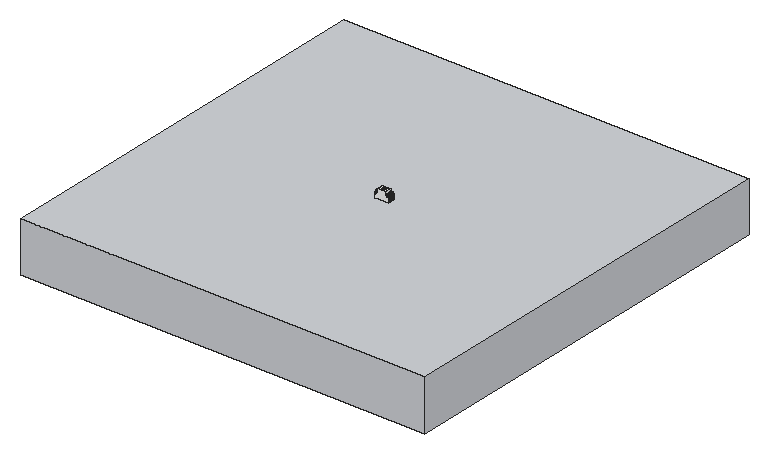
Revit family "Gira_531900", category Elektroinstallationen, Revit 2017
Family settings
  Basisbauteil = Fläche
  Beschriftungsausrichtung beibehalten = Nein
  Bemaßung runder Anschluss = Durchmesser verwenden
  Teiletyp = Normal
  Beim Laden mit Abzugskörper schneiden = Nein
  Gemeinsam genutzt = Nein
  Raumberechnungspunkt = Nein
Parameters (values of type "Spannungsversorgung DC 12 V 2 A REG Zubehör")
  Default Elevation = 1219.2 mm
  URL = "https://www.gira.de/"
  Typname = "Spannungsversorgung DC 12 V 2 A REG Zubehör"
  Type Comments = ""
  Produktseite = "https://media.stage.bim.site/t/eyJhbGciOiJIUzI1NiIsInR5cCI6IkpXVCJ9.eyJjdCI6MiwidHUiOiJodHRwOi8va2F0YWxvZy5naXJhLmRlL2RlX0RFL2RhdGVuYmxhdHQuaHRtbD9hcnRpa2VsbnI9NTMxOTAwIiwiY2lkIjoiMzI3N2NjMjMtODFhOS00ZWUzLWE5MGEtYjQ3YmI0YzBiNjE2IiwicmlkIjoiNmM5ZWMwZmE3ZTY1MWI2OWVkY2RhMDA3NjNlOTg3MzEiLCJwaWQiOiJkNjIyNWRlZDgyZDMwNjZhMjJhOTkyOTI5ZGZjMTE4MDNhNzYzNjcyIiwic2lkIjoiNjM0NzAiLCJ1dCI6MSwibGMiOiJkZSIsImlhdCI6MTYwMDkzNzk4OCwiaXNzIjoiaHR0cHM6Ly9hcGkubGl2ZS5iaW0uc2l0ZSIsInN1YiI6ImFkbWluQGJpbXNpdGUuZGV2In0.6_7D7xAN1uoLxIsyzcNIvPiSwNyB7v6eFJf-ryFLiwQ"
  Montageart = "REG"
  Model = ""
  Mit LED-Anzeige = no
  Kosten = 0
  Hersteller = "Gira"
  HeinzeBIM = "https://www.heinze.de/bim/spannungsversorgung-dc-12-v-2-a-reg-zubehoer/d6225ded82d3066a22a992929dfc11803a763672"
  HAN = "531900"
  GTIN = "4010337774037"
  Datenblatt 1 = "https://media.stage.bim.site/t/eyJhbGciOiJIUzI1NiIsInR5cCI6IkpXVCJ9.eyJjdCI6MSwidGYiOiJwdWJsaWMvZ2lyYS9hZThjNTU3LzUzMTkwMC50eHQiLCJjaWQiOiIzMjc3Y2MyMy04MWE5LTRlZTMtYTkwYS1iNDdiYjRjMGI2MTYiLCJyaWQiOiI2YzllYzBmYTdlNjUxYjY5ZWRjZGEwMDc2M2U5ODczMSIsInBpZCI6ImQ2MjI1ZGVkODJkMzA2NmEyMmE5OTI5MjlkZmMxMTgwM2E3NjM2NzIiLCJzaWQiOiI2MzQ3MCIsInV0IjoxLCJsYyI6ImRlIiwiaWF0IjoxNjAwOTM3OTg4LCJpc3MiOiJodHRwczovL2FwaS5saXZlLmJpbS5zaXRlIiwic3ViIjoiYWRtaW5AYmltc2l0ZS5kZXYifQ.FQt5uCdgjJlZZJcdXlngFeSFNmDwtf1M3L6CnZ33tLs/531900.txt"
  Datenblatt = "https://media.stage.bim.site/t/eyJhbGciOiJIUzI1NiIsInR5cCI6IkpXVCJ9.eyJjdCI6MSwidHUiOiJodHRwczovL2thdGFsb2cuZ2lyYS5kZS9kZV9ERS9kb3dubG9hZC5odG1sP2FydGlrZWxucj01MzE5MDAiLCJjaWQiOiIzMjc3Y2MyMy04MWE5LTRlZTMtYTkwYS1iNDdiYjRjMGI2MTYiLCJyaWQiOiI2YzllYzBmYTdlNjUxYjY5ZWRjZGEwMDc2M2U5ODczMSIsInBpZCI6ImQ2MjI1ZGVkODJkMzA2NmEyMmE5OTI5MjlkZmMxMTgwM2E3NjM2NzIiLCJzaWQiOiI2MzQ3MCIsInV0IjoxLCJsYyI6ImRlIiwiaWF0IjoxNjAwOTM3OTg4LCJpc3MiOiJodHRwczovL2FwaS5saXZlLmJpbS5zaXRlIiwic3ViIjoiYWRtaW5AYmltc2l0ZS5kZXYifQ.16Xc1bbOmB23kSI2SfaOZj0YwLKoRlQhIEr46VIA3yc"
  Bussystem Powernet = no
  Bussystem LON = no
  Bussystem KNX-Funk = no
  Bussystem KNX = no
  Bussystem Funkbus = yes
  Breite in Teilungseinheiten = 2
  Beschreibung = "Spannungsversorgung DC 12 V 2 A  REG Merkmale:  Spannungsversorgung DC 12 V für den eNet Server, eNet Funk Empfangsmodul und Externe Kamera."
  Assembly Code = ""
  Keynote = ""
  BIMSITE_PRODUCT_ID = "d6225ded82d3066a22a992929dfc11803a763672"
  BIM = "https://media.stage.bim.site/t/eyJhbGciOiJIUzI1NiIsInR5cCI6IkpXVCJ9.eyJjdCI6MSwidGYiOiJwdWJsaWMvZ2lyYS9hZThjNTU3L1JFRyAyZi5yZmEiLCJjaWQiOiIzMjc3Y2MyMy04MWE5LTRlZTMtYTkwYS1iNDdiYjRjMGI2MTYiLCJyaWQiOiI2YzllYzBmYTdlNjUxYjY5ZWRjZGEwMDc2M2U5ODczMSIsInBpZCI6ImQ2MjI1ZGVkODJkMzA2NmEyMmE5OTI5MjlkZmMxMTgwM2E3NjM2NzIiLCJzaWQiOiI2MzQ3MCIsInV0Ijo1LCJsYyI6ImRlIiwiaWF0IjoxNjAwOTM3OTg4LCJpc3MiOiJodHRwczovL2FwaS5saXZlLmJpbS5zaXRlIiwic3ViIjoiYWRtaW5AYmltc2l0ZS5kZXYifQ.1FuZkIvP_dkFmjrvZNKVQCbQ6XprbDqA1qeJDxcbXzI/REG 2f.rfa"
  Andere Bussysteme = "eNet"
Reference planes
  plane 1 "Center (Front/Back)": y = 0
  plane 2: z = 0
  plane 3 "Center (Left/Right)": x = 0
Forms (mm)
  Extrusion 1, solid
    sketch origin (0, 0, 0) x (1, 0, 0) y (0, 1, 0)
      loop
        line (-1219.2, 1219.2) -> (-1219.2, -1219.2) -> (1219.2, -1219.2) -> (1219.2, 1219.2) -> (-1219.2, 1219.2)
    from 0 to -304.8
  Extrusion 2, solid, material "White", detail levels fine
    sketch origin (0, 0.085, 0) x (1, 0, 0) y (0, 0, 1)
      loop
        line (40.325, 0) -> (42.075, 1.75) -> (43.075, 1.75) -> (43.005, 15.155) -> (42, 15.736) -> (41.767, 25.973)
        spline (41.767, 25.973) -> (41.756, 26.101) -> (41.729, 26.227) -> (41.685, 26.348) -> (41.626, 26.463) -> (41.553, 26.569) -> (41.467, 26.665) -> (41.369, 26.749) -> (41.261, 26.82) -> (41.145, 26.876) -> (41.023, 26.917) -> (40.896, 26.942) -> (40.768, 26.95)
        line (40.768, 26.95) -> (32.182, 26.95) -> (32.182, 29.944) -> (31.157, 30.536) -> (30.925, 40.773)
        spline (30.925, 40.773) -> (30.913, 40.901) -> (30.886, 41.027) -> (30.842, 41.148) -> (30.783, 41.263) -> (30.71, 41.369) -> (30.624, 41.465) -> (30.526, 41.549) -> (30.418, 41.62) -> (30.302, 41.676) -> (30.18, 41.717) -> (30.053, 41.742) -> (29.925, 41.75)
        line (29.925, 41.75) -> (22.4, 41.75) -> (22.351, 51.105)
        arc (22.351, 51.105) -> (22.056, 51.809) -> (21.351, 52.1) r 1
        line (21.351, 52.1) -> (-21.351, 52.1)
        arc (-21.351, 52.1) -> (-22.056, 51.809) -> (-22.351, 51.105) r 1
        line (-22.351, 51.105) -> (-22.4, 41.75) -> (-29.925, 41.75)
        spline (-29.925, 41.75) -> (-30.053, 41.742) -> (-30.18, 41.717) -> (-30.302, 41.676) -> (-30.418, 41.62) -> (-30.526, 41.549) -> (-30.624, 41.465) -> (-30.71, 41.369) -> (-30.783, 41.263) -> (-30.842, 41.148) -> (-30.886, 41.027) -> (-30.913, 40.901) -> (-30.925, 40.773)
        line (-30.925, 40.773) -> (-31.157, 30.536) -> (-32.182, 29.944) -> (-32.182, 26.95) -> (-40.768, 26.95)
        spline (-40.768, 26.95) -> (-40.896, 26.942) -> (-41.023, 26.917) -> (-41.145, 26.876) -> (-41.261, 26.82) -> (-41.369, 26.749) -> (-41.467, 26.665) -> (-41.553, 26.569) -> (-41.626, 26.463) -> (-41.685, 26.348) -> (-41.729, 26.227) -> (-41.756, 26.101) -> (-41.767, 25.973)
        line (-41.767, 25.973) -> (-42, 15.736) -> (-43.005, 15.155) -> (-43.075, 1.75) -> (-42.075, 1.75) -> (-40.325, 0) -> (40.325, 0)
    from -17.83 to 18
  Extrusion 3, solid, material "White", detail levels fine
    sketch origin (0, 0.085, 0) x (1, 0, 0) y (0, 0, 1)
      loop
        arc (-44.59, 27.35) -> (-44.84, 26.747) -> (-44.925, 26.1) r 2.5
        line (-44.925, 26.1) -> (-44.925, 12.6) -> (-43.028, 10.805) -> (-43.005, 15.155) -> (-42, 15.736) -> (-41.767, 25.973)
        spline (-41.767, 25.973) -> (-41.756, 26.101) -> (-41.729, 26.227) -> (-41.685, 26.348) -> (-41.626, 26.463) -> (-41.553, 26.569) -> (-41.467, 26.665) -> (-41.369, 26.749) -> (-41.261, 26.82) -> (-41.145, 26.876) -> (-41.023, 26.917) -> (-40.896, 26.942) -> (-40.768, 26.95)
        line (-40.768, 26.95) -> (-32.182, 26.95) -> (-32.182, 29.944) -> (-31.157, 30.536) -> (-30.925, 40.773)
        spline (-30.925, 40.773) -> (-30.913, 40.901) -> (-30.886, 41.027) -> (-30.842, 41.148) -> (-30.783, 41.263) -> (-30.71, 41.369) -> (-30.624, 41.465) -> (-30.526, 41.549) -> (-30.418, 41.62) -> (-30.302, 41.676) -> (-30.18, 41.717) -> (-30.053, 41.742) -> (-29.925, 41.75)
        line (-29.925, 41.75) -> (-34.833, 41.75)
        arc (-34.833, 41.75) -> (-36.083, 41.415) -> (-36.998, 40.5) r 2.5
        line (-36.998, 40.5) -> (-44.59, 27.35)
      loop
        line (44.59, 27.35) -> (36.998, 40.5)
        arc (36.998, 40.5) -> (36.083, 41.415) -> (34.833, 41.75) r 2.5
        line (34.833, 41.75) -> (29.925, 41.75)
        spline (29.925, 41.75) -> (30.053, 41.742) -> (30.18, 41.717) -> (30.302, 41.676) -> (30.418, 41.62) -> (30.526, 41.549) -> (30.624, 41.465) -> (30.71, 41.369) -> (30.783, 41.263) -> (30.842, 41.148) -> (30.886, 41.027) -> (30.913, 40.901) -> (30.925, 40.773)
        line (30.925, 40.773) -> (31.157, 30.536) -> (32.182, 29.944) -> (32.182, 26.95) -> (40.768, 26.95)
        spline (40.768, 26.95) -> (40.896, 26.942) -> (41.023, 26.917) -> (41.145, 26.876) -> (41.261, 26.82) -> (41.369, 26.749) -> (41.467, 26.665) -> (41.553, 26.569) -> (41.626, 26.463) -> (41.685, 26.348) -> (41.729, 26.227) -> (41.756, 26.101) -> (41.767, 25.973)
        line (41.767, 25.973) -> (42, 15.736) -> (43.005, 15.155) -> (43.028, 10.805) -> (44.925, 12.6) -> (44.925, 26.1)
        arc (44.925, 26.1) -> (44.84, 26.747) -> (44.59, 27.35) r 2.5
    from 16.446 to 18
  Extrusion 4, solid, material "White", detail levels fine
    sketch origin (0, 8.585, 0) x (1, 0, 0) y (0, 0, 1)
      loop
        arc (-44.59, 27.35) -> (-44.84, 26.747) -> (-44.925, 26.1) r 2.5
        line (-44.925, 26.1) -> (-44.925, 12.6) -> (-43.028, 10.805) -> (-43.005, 15.155) -> (-42, 15.736) -> (-41.767, 25.973)
        spline (-41.767, 25.973) -> (-41.756, 26.101) -> (-41.729, 26.227) -> (-41.685, 26.348) -> (-41.626, 26.463) -> (-41.553, 26.569) -> (-41.467, 26.665) -> (-41.369, 26.749) -> (-41.261, 26.82) -> (-41.145, 26.876) -> (-41.023, 26.917) -> (-40.896, 26.942) -> (-40.768, 26.95)
        line (-40.768, 26.95) -> (-32.182, 26.95) -> (-32.182, 29.944) -> (-31.157, 30.536) -> (-30.925, 40.773)
        spline (-30.925, 40.773) -> (-30.913, 40.901) -> (-30.886, 41.027) -> (-30.842, 41.148) -> (-30.783, 41.263) -> (-30.71, 41.369) -> (-30.624, 41.465) -> (-30.526, 41.549) -> (-30.418, 41.62) -> (-30.302, 41.676) -> (-30.18, 41.717) -> (-30.053, 41.742) -> (-29.925, 41.75)
        line (-29.925, 41.75) -> (-34.833, 41.75)
        arc (-34.833, 41.75) -> (-36.083, 41.415) -> (-36.998, 40.5) r 2.5
        line (-36.998, 40.5) -> (-44.59, 27.35)
      loop
        line (44.59, 27.35) -> (36.998, 40.5)
        arc (36.998, 40.5) -> (36.083, 41.415) -> (34.833, 41.75) r 2.5
        line (34.833, 41.75) -> (29.925, 41.75)
        spline (29.925, 41.75) -> (30.053, 41.742) -> (30.18, 41.717) -> (30.302, 41.676) -> (30.418, 41.62) -> (30.526, 41.549) -> (30.624, 41.465) -> (30.71, 41.369) -> (30.783, 41.263) -> (30.842, 41.148) -> (30.886, 41.027) -> (30.913, 40.901) -> (30.925, 40.773)
        line (30.925, 40.773) -> (31.157, 30.536) -> (32.182, 29.944) -> (32.182, 26.95) -> (40.768, 26.95)
        spline (40.768, 26.95) -> (40.896, 26.942) -> (41.023, 26.917) -> (41.145, 26.876) -> (41.261, 26.82) -> (41.369, 26.749) -> (41.467, 26.665) -> (41.553, 26.569) -> (41.626, 26.463) -> (41.685, 26.348) -> (41.729, 26.227) -> (41.756, 26.101) -> (41.767, 25.973)
        line (41.767, 25.973) -> (42, 15.736) -> (43.005, 15.155) -> (43.028, 10.805) -> (44.925, 12.6) -> (44.925, 26.1)
        arc (44.925, 26.1) -> (44.84, 26.747) -> (44.59, 27.35) r 2.5
    from 16.49 to 17.724
  Extrusion 5, solid, material "White", detail levels fine
    sketch origin (0, 17.107, 0) x (1, 0, 0) y (0, 0, 1)
      loop
        arc (-44.59, 27.35) -> (-44.84, 26.747) -> (-44.925, 26.1) r 2.5
        line (-44.925, 26.1) -> (-44.925, 12.6) -> (-43.028, 10.805) -> (-43.005, 15.155) -> (-42, 15.736) -> (-41.767, 25.973)
        spline (-41.767, 25.973) -> (-41.756, 26.101) -> (-41.729, 26.227) -> (-41.685, 26.348) -> (-41.626, 26.463) -> (-41.553, 26.569) -> (-41.467, 26.665) -> (-41.369, 26.749) -> (-41.261, 26.82) -> (-41.145, 26.876) -> (-41.023, 26.917) -> (-40.896, 26.942) -> (-40.768, 26.95)
        line (-40.768, 26.95) -> (-32.182, 26.95) -> (-32.182, 29.944) -> (-31.157, 30.536) -> (-30.925, 40.773)
        spline (-30.925, 40.773) -> (-30.913, 40.901) -> (-30.886, 41.027) -> (-30.842, 41.148) -> (-30.783, 41.263) -> (-30.71, 41.369) -> (-30.624, 41.465) -> (-30.526, 41.549) -> (-30.418, 41.62) -> (-30.302, 41.676) -> (-30.18, 41.717) -> (-30.053, 41.742) -> (-29.925, 41.75)
        line (-29.925, 41.75) -> (-34.833, 41.75)
        arc (-34.833, 41.75) -> (-36.083, 41.415) -> (-36.998, 40.5) r 2.5
        line (-36.998, 40.5) -> (-44.59, 27.35)
      loop
        line (44.59, 27.35) -> (36.998, 40.5)
        arc (36.998, 40.5) -> (36.083, 41.415) -> (34.833, 41.75) r 2.5
        line (34.833, 41.75) -> (29.925, 41.75)
        spline (29.925, 41.75) -> (30.053, 41.742) -> (30.18, 41.717) -> (30.302, 41.676) -> (30.418, 41.62) -> (30.526, 41.549) -> (30.624, 41.465) -> (30.71, 41.369) -> (30.783, 41.263) -> (30.842, 41.148) -> (30.886, 41.027) -> (30.913, 40.901) -> (30.925, 40.773)
        line (30.925, 40.773) -> (31.157, 30.536) -> (32.182, 29.944) -> (32.182, 26.95) -> (40.768, 26.95)
        spline (40.768, 26.95) -> (40.896, 26.942) -> (41.023, 26.917) -> (41.145, 26.876) -> (41.261, 26.82) -> (41.369, 26.749) -> (41.467, 26.665) -> (41.553, 26.569) -> (41.626, 26.463) -> (41.685, 26.348) -> (41.729, 26.227) -> (41.756, 26.101) -> (41.767, 25.973)
        line (41.767, 25.973) -> (42, 15.736) -> (43.005, 15.155) -> (43.028, 10.805) -> (44.925, 12.6) -> (44.925, 26.1)
        arc (44.925, 26.1) -> (44.84, 26.747) -> (44.59, 27.35) r 2.5
    from 16.49 to 17.724
  Extrusion 6, solid, material "White", detail levels fine
    sketch origin (0, 25.607, 0) x (1, 0, 0) y (0, 0, 1)
      loop
        arc (-44.59, 27.35) -> (-44.84, 26.747) -> (-44.925, 26.1) r 2.5
        line (-44.925, 26.1) -> (-44.925, 12.6) -> (-43.028, 10.805) -> (-43.005, 15.155) -> (-42, 15.736) -> (-41.767, 25.973)
        spline (-41.767, 25.973) -> (-41.756, 26.101) -> (-41.729, 26.227) -> (-41.685, 26.348) -> (-41.626, 26.463) -> (-41.553, 26.569) -> (-41.467, 26.665) -> (-41.369, 26.749) -> (-41.261, 26.82) -> (-41.145, 26.876) -> (-41.023, 26.917) -> (-40.896, 26.942) -> (-40.768, 26.95)
        line (-40.768, 26.95) -> (-32.182, 26.95) -> (-32.182, 29.944) -> (-31.157, 30.536) -> (-30.925, 40.773)
        spline (-30.925, 40.773) -> (-30.913, 40.901) -> (-30.886, 41.027) -> (-30.842, 41.148) -> (-30.783, 41.263) -> (-30.71, 41.369) -> (-30.624, 41.465) -> (-30.526, 41.549) -> (-30.418, 41.62) -> (-30.302, 41.676) -> (-30.18, 41.717) -> (-30.053, 41.742) -> (-29.925, 41.75)
        line (-29.925, 41.75) -> (-34.833, 41.75)
        arc (-34.833, 41.75) -> (-36.083, 41.415) -> (-36.998, 40.5) r 2.5
        line (-36.998, 40.5) -> (-44.59, 27.35)
      loop
        line (44.59, 27.35) -> (36.998, 40.5)
        arc (36.998, 40.5) -> (36.083, 41.415) -> (34.833, 41.75) r 2.5
        line (34.833, 41.75) -> (29.925, 41.75)
        spline (29.925, 41.75) -> (30.053, 41.742) -> (30.18, 41.717) -> (30.302, 41.676) -> (30.418, 41.62) -> (30.526, 41.549) -> (30.624, 41.465) -> (30.71, 41.369) -> (30.783, 41.263) -> (30.842, 41.148) -> (30.886, 41.027) -> (30.913, 40.901) -> (30.925, 40.773)
        line (30.925, 40.773) -> (31.157, 30.536) -> (32.182, 29.944) -> (32.182, 26.95) -> (40.768, 26.95)
        spline (40.768, 26.95) -> (40.896, 26.942) -> (41.023, 26.917) -> (41.145, 26.876) -> (41.261, 26.82) -> (41.369, 26.749) -> (41.467, 26.665) -> (41.553, 26.569) -> (41.626, 26.463) -> (41.685, 26.348) -> (41.729, 26.227) -> (41.756, 26.101) -> (41.767, 25.973)
        line (41.767, 25.973) -> (42, 15.736) -> (43.005, 15.155) -> (43.028, 10.805) -> (44.925, 12.6) -> (44.925, 26.1)
        arc (44.925, 26.1) -> (44.84, 26.747) -> (44.59, 27.35) r 2.5
    from 16.49 to 17.724
  Extrusion 7, solid, material "White", detail levels fine
    sketch origin (0, 34.11, 0) x (1, 0, 0) y (0, 0, 1)
      loop
        arc (-44.59, 27.35) -> (-44.84, 26.747) -> (-44.925, 26.1) r 2.5
        line (-44.925, 26.1) -> (-44.925, 12.6) -> (-43.028, 10.805) -> (-43.005, 15.155) -> (-42, 15.736) -> (-41.767, 25.973)
        spline (-41.767, 25.973) -> (-41.756, 26.101) -> (-41.729, 26.227) -> (-41.685, 26.348) -> (-41.626, 26.463) -> (-41.553, 26.569) -> (-41.467, 26.665) -> (-41.369, 26.749) -> (-41.261, 26.82) -> (-41.145, 26.876) -> (-41.023, 26.917) -> (-40.896, 26.942) -> (-40.768, 26.95)
        line (-40.768, 26.95) -> (-32.182, 26.95) -> (-32.182, 29.944) -> (-31.157, 30.536) -> (-30.925, 40.773)
        spline (-30.925, 40.773) -> (-30.913, 40.901) -> (-30.886, 41.027) -> (-30.842, 41.148) -> (-30.783, 41.263) -> (-30.71, 41.369) -> (-30.624, 41.465) -> (-30.526, 41.549) -> (-30.418, 41.62) -> (-30.302, 41.676) -> (-30.18, 41.717) -> (-30.053, 41.742) -> (-29.925, 41.75)
        line (-29.925, 41.75) -> (-34.833, 41.75)
        arc (-34.833, 41.75) -> (-36.083, 41.415) -> (-36.998, 40.5) r 2.5
        line (-36.998, 40.5) -> (-44.59, 27.35)
      loop
        line (44.59, 27.35) -> (36.998, 40.5)
        arc (36.998, 40.5) -> (36.083, 41.415) -> (34.833, 41.75) r 2.5
        line (34.833, 41.75) -> (29.925, 41.75)
        spline (29.925, 41.75) -> (30.053, 41.742) -> (30.18, 41.717) -> (30.302, 41.676) -> (30.418, 41.62) -> (30.526, 41.549) -> (30.624, 41.465) -> (30.71, 41.369) -> (30.783, 41.263) -> (30.842, 41.148) -> (30.886, 41.027) -> (30.913, 40.901) -> (30.925, 40.773)
        line (30.925, 40.773) -> (31.157, 30.536) -> (32.182, 29.944) -> (32.182, 26.95) -> (40.768, 26.95)
        spline (40.768, 26.95) -> (40.896, 26.942) -> (41.023, 26.917) -> (41.145, 26.876) -> (41.261, 26.82) -> (41.369, 26.749) -> (41.467, 26.665) -> (41.553, 26.569) -> (41.626, 26.463) -> (41.685, 26.348) -> (41.729, 26.227) -> (41.756, 26.101) -> (41.767, 25.973)
        line (41.767, 25.973) -> (42, 15.736) -> (43.005, 15.155) -> (43.028, 10.805) -> (44.925, 12.6) -> (44.925, 26.1)
        arc (44.925, 26.1) -> (44.84, 26.747) -> (44.59, 27.35) r 2.5
    from 16.195 to 17.748
  Extrusion 8, void, detail levels fine
    sketch origin (0, 0.085, 0) x (1, 0, 0) y (0, 1, 0)
      loop
        circle (-35.274, 12.665) r 3.05
    from 24.323 to 26.95
  Extrusion 9, void, detail levels fine
    sketch origin (0, -8.415, 0) x (1, 0, 0) y (0, 1, 0)
      loop
        circle (-35.274, 12.665) r 3.05
    from 24.323 to 26.95
  Extrusion 10, void, detail levels fine
    sketch origin (0, -16.915, 0) x (1, 0, 0) y (0, 1, 0)
      loop
        circle (-35.274, 12.665) r 3.05
    from 24.323 to 26.95
  Extrusion 11, void, detail levels fine
    sketch origin (0, -25.415, 0) x (1, 0, 0) y (0, 1, 0)
      loop
        circle (-35.274, 12.665) r 3.05
    from 24.323 to 26.95
  Extrusion 12, void, detail levels fine
    sketch origin (0, 0.085, 0) x (1, 0, 0) y (0, 1, 0)
      loop
        circle (-25.624, 12.665) r 3.05
    from 37.243 to 41.75
  Extrusion 13, void, detail levels fine
    sketch origin (0, -8.415, 0) x (1, 0, 0) y (0, 1, 0)
      loop
        circle (-25.624, 12.665) r 3.05
    from 37.243 to 41.75
  Extrusion 14, void, detail levels fine
    sketch origin (0, -16.915, 0) x (1, 0, 0) y (0, 1, 0)
      loop
        circle (-25.624, 12.665) r 3.05
    from 37.243 to 41.75
  Extrusion 15, void, detail levels fine
    sketch origin (0, -25.415, 0) x (1, 0, 0) y (0, 1, 0)
      loop
        circle (-25.624, 12.665) r 3.05
    from 37.243 to 41.75
  Extrusion 16, void, detail levels fine
    sketch origin (0, 0.085, 0) x (1, 0, 0) y (0, 1, 0)
      loop
        circle (-10.024, 5.915) r 1.275
      loop
        circle (-5.024, 5.915) r 1.275
      loop
        circle (-0.024, 5.915) r 1.275
      loop
        circle (4.976, 5.915) r 1.275
      loop
        circle (9.976, 5.915) r 1.275
      loop
        circle (-10.024, -6.585) r 1.75
      loop
        circle (-2.024, -6.585) r 1.75
      loop
        circle (-2.024, -12.585) r 1.275
      loop
        circle (7.976, -6.585) r 1.75
    from 44.278 to 52.1
  Extrusion 17, void
    sketch origin (0, 0, 0) x (0, 1, 0) y (0, 0, 1)
      loop
        line (1.5, 7.47) -> (1.5, 4.67) -> (4.5, 4.67) -> (4.5, 7.47) -> (1.5, 7.47)
      loop
        line (-4.5, 7.47) -> (-4.5, 4.67) -> (-1.5, 4.67) -> (-1.5, 7.47) -> (-4.5, 7.47)
    from -47.729 to 48.928
  Extrusion 18, void, detail levels fine
    sketch origin (0, 0, 0) x (0, 1, 0) y (0, 0, 1)
      loop
        line (16.361, 15.736) -> (16.361, 19.75) -> (9.117, 19.75) -> (9.117, 15.736) -> (16.361, 15.736)
      loop
        line (7.883, 19.75) -> (0.617, 19.75) -> (0.617, 15.736) -> (7.883, 15.736) -> (7.883, 19.75)
      loop
        line (-7.905, 19.75) -> (-7.905, 15.736) -> (-0.617, 15.736) -> (-0.617, 19.75) -> (-7.905, 19.75)
      loop
        line (-16.361, 19.75) -> (-16.361, 15.736) -> (-9.139, 15.736) -> (-9.139, 19.75) -> (-16.361, 19.75)
    from -42.725 to 42.663
  Extrusion 19, void, detail levels fine
    sketch origin (0, 0, 0) x (0, 1, 0) y (0, 0, 1)
      loop
        line (16.361, 30.536) -> (16.361, 34.55) -> (9.117, 34.55) -> (9.117, 30.536) -> (16.361, 30.536)
      loop
        line (7.883, 34.55) -> (0.617, 34.55) -> (0.617, 30.536) -> (7.883, 30.536) -> (7.883, 34.55)
      loop
        line (-7.905, 34.55) -> (-7.905, 30.536) -> (-0.617, 30.536) -> (-0.617, 34.55) -> (-7.905, 34.55)
      loop
        line (-16.361, 34.55) -> (-16.361, 30.536) -> (-9.139, 30.536) -> (-9.139, 34.55) -> (-16.361, 34.55)
    from -33.613 to 32.182
  Extrusion 20, void, detail levels fine
    sketch origin (0, 0.085, 0) x (-1, 0, 0) y (0, -1, 0)
      loop
        circle (-35.274, -12.665) r 3.05
    from 24.323 to 26.95
  Extrusion 21, void, detail levels fine
    sketch origin (0, -8.415, 0) x (-1, 0, 0) y (0, -1, 0)
      loop
        circle (-35.274, -12.665) r 3.05
    from 24.323 to 26.95
  Extrusion 22, void, detail levels fine
    sketch origin (0, -16.915, 0) x (-1, 0, 0) y (0, -1, 0)
      loop
        circle (-35.274, -12.665) r 3.05
    from 24.323 to 26.95
  Extrusion 23, void, detail levels fine
    sketch origin (0, -25.415, 0) x (-1, 0, 0) y (0, -1, 0)
      loop
        circle (-35.274, -12.665) r 3.05
    from 24.323 to 26.95
  Extrusion 24, void, detail levels fine
    sketch origin (0, 0.085, 0) x (-1, 0, 0) y (0, -1, 0)
      loop
        circle (-25.624, -12.665) r 3.05
    from 37.243 to 41.75
  Extrusion 25, void, detail levels fine
    sketch origin (0, -8.415, 0) x (-1, 0, 0) y (0, -1, 0)
      loop
        circle (-25.624, -12.665) r 3.05
    from 37.243 to 41.75
  Extrusion 26, void, detail levels fine
    sketch origin (0, -16.915, 0) x (-1, 0, 0) y (0, -1, 0)
      loop
        circle (-25.624, -12.665) r 3.05
    from 37.243 to 41.75
  Extrusion 27, void, detail levels fine
    sketch origin (0, -25.415, 0) x (-1, 0, 0) y (0, -1, 0)
      loop
        circle (-25.624, -12.665) r 3.05
    from 37.243 to 41.75
  Extrusion 28, solid, material "White", detail levels medium
    sketch origin (0, 0, 0) x (1, 0, 0) y (0, 0, 1)
      loop
        line (-36.998, 40.5) -> (-44.59, 27.35)
        arc (-44.59, 27.35) -> (-44.84, 26.747) -> (-44.925, 26.1) r 2.5
        line (-44.925, 26.1) -> (-44.925, 12.6) -> (-43.028, 10.805) -> (-43.075, 1.75) -> (-42.075, 1.75) -> (-40.325, 0) -> (40.325, 0) -> (42.075, 1.75) -> (43.075, 1.75) -> (43.028, 10.805) -> (44.925, 12.6) -> (44.925, 26.1)
        arc (44.925, 26.1) -> (44.84, 26.747) -> (44.59, 27.35) r 2.5
        line (44.59, 27.35) -> (36.998, 40.5)
        arc (36.998, 40.5) -> (36.083, 41.415) -> (34.833, 41.75) r 2.5
        line (34.833, 41.75) -> (22.4, 41.75) -> (22.351, 51.105)
        arc (22.351, 51.105) -> (22.056, 51.809) -> (21.351, 52.1) r 1
        line (21.351, 52.1) -> (-21.351, 52.1)
        arc (-21.351, 52.1) -> (-22.056, 51.809) -> (-22.351, 51.105) r 1
        line (-22.351, 51.105) -> (-22.4, 41.75) -> (-34.833, 41.75)
        arc (-34.833, 41.75) -> (-36.083, 41.415) -> (-36.998, 40.5) r 2.5
    from -17.915 to 17.915
  Extrusion 29, solid, material "White", detail levels coarse
    sketch origin (0, 0, 0) x (1, 0, 0) y (0, 0, 1)
      loop
        line (-44.925, 52.1) -> (-44.925, 0) -> (44.925, 0) -> (44.925, 52.1) -> (-44.925, 52.1)
    from -17.915 to 17.915
Cuts and joins
  Extrusion 8, Extrusion 9, Extrusion 10, Extrusion 11, Extrusion 12, Extrusion 13, Extrusion 14, Extrusion 15, Extrusion 16, Extrusion 17, Extrusion 18, Extrusion 19, Extrusion 20, Extrusion 21, Extrusion 22, Extrusion 23, Extrusion 24, Extrusion 25, Extrusion 26, Extrusion 27 cuts Extrusion 2
  Extrusion 18, Extrusion 19 cuts Extrusion 3
  Extrusion 18, Extrusion 19 cuts Extrusion 4
  Extrusion 18, Extrusion 19 cuts Extrusion 5
  Extrusion 18, Extrusion 19 cuts Extrusion 6
  Extrusion 18, Extrusion 19 cuts Extrusion 7
Dimensions and locks
  aligned and locked: plane 2 to Extrusion 1
  aligned and locked: level to Extrusion 1
